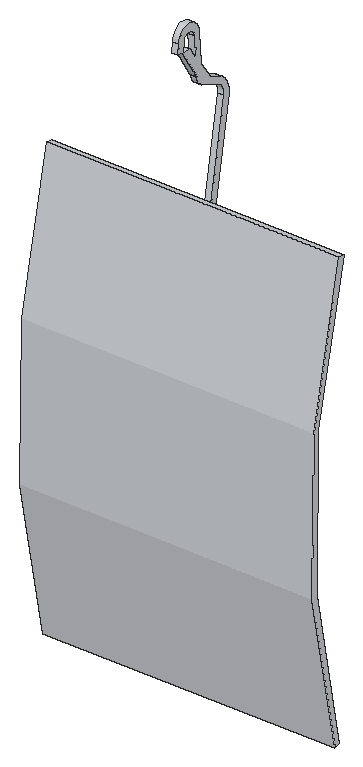
Revit family "6ft Forte Ceiling Panel Stored", category Furniture, Revit 2011
Parameters (values of type "Forte 6' Ceiling")
  URL = "http://www.wengercorp.com/Home/Contact.html"
  Toekick Material [instance] = none
  RH End Panel [instance] = no
  Model = "60"
  Manufacturer = "Wenger Corporation"
  LH End Panel [instance] = no
  End Panel Material [instance] = none
  Edge Banding Material [instance] = none
  Door Material [instance] = none
  Description = "Standard 16' Forte Tower"
  Assembly Code = ""
Reference planes (in)
  plane 1 "Top View 2D location": z = 270
  plane 2: x = 22.64221
  plane 3: x = 46.64221
  plane 4: x = 34.64221
  plane 5: y = 855.02239
  plane 6: z = 199.94228
Forms (in)
  Extrusion 1, solid
    sketch origin (58.64221, 545.30271, 811.37883) x (0, -0.278237, 0.960512) y (0, 0.960512, 0.278237)
      loop
        arc (-639.0958, 139.35867) -> (-671.73183, 123.63341) -> (-707.59692, 118.52559) r 118.25922
        line (-707.59692, 118.52559) -> (-707.5496, 117.52612)
        arc (-707.5496, 117.52612) -> (-671.49428, 122.65506) -> (-638.66818, 138.42652) r 119.25324
        line (-638.66818, 138.42652) -> (-639.0958, 139.35867)
    from 0 to 48
  Extrusion 2, solid
    sketch origin (47.39227, 555.91427, 822.59894) x (0, 0.246923, -0.969035) y (0, 0.969035, 0.246923)
      loop
        line (674.00797, 132.83014) -> (677.38539, 131.92516) -> (677.56163, 132.58292) -> (677.27009, 136.39071) -> (676.32685, 136.64345) -> (674.17486, 133.45299) -> (674.00797, 132.83014)
    from 0 to 0.25
  Extrusion 3, solid
    sketch origin (45.64221, 555.91427, 822.59894) x (0, 0.246923, -0.969035) y (0, 0.969035, 0.246923)
      loop
        line (674.00797, 132.83014) -> (677.38539, 131.92516) -> (677.56163, 132.58292) -> (677.27009, 136.39071) -> (676.32685, 136.64345) -> (674.17486, 133.45299) -> (674.00797, 132.83014)
    from 0 to 0.25
  Extrusion 4, solid
    sketch origin (23.39227, 555.91427, 822.59894) x (0, 0.246923, -0.969035) y (0, 0.969035, 0.246923)
      loop
        line (674.00797, 132.83014) -> (677.38539, 131.92516) -> (677.56163, 132.58292) -> (677.27009, 136.39071) -> (676.32685, 136.64345) -> (674.17486, 133.45299) -> (674.00797, 132.83014)
    from 0 to 0.25
  Extrusion 5, solid
    sketch origin (21.64221, 555.91427, 822.59894) x (0, 0.246923, -0.969035) y (0, 0.969035, 0.246923)
      loop
        line (674.00797, 132.83014) -> (677.38539, 131.92516) -> (677.56163, 132.58292) -> (677.27009, 136.39071) -> (676.32685, 136.64345) -> (674.17486, 133.45299) -> (674.00797, 132.83014)
    from 0 to 0.25
  Extrusion 6, solid
    sketch origin (47.64221, 177.94081, 64.71877) x (0, -1, 0) y (0, 0, 1)
      loop
        line (-676.08984, 136.22351) -> (-677.08984, 136.22351) -> (-677.08984, 135.22351) -> (-676.08984, 135.22351) -> (-676.08984, 136.22351)
    from -0.00006 to 26
  Extrusion 7, solid
    sketch origin (35.14221, 177.94081, 64.71877) x (0, -1, 0) y (0, 0, 1)
      loop
        line (-676.08984, 136.22351) -> (-676.08984, 142.15091) -> (-683.74531, 184.74649)
        arc (-683.74531, 184.74649) -> (-683.52247, 186.04739) -> (-682.53733, 186.92575) r 1.99868
        line (-682.53733, 186.92575) -> (-679.18968, 188.30833)
        arc (-679.18968, 188.30833) -> (-678.51213, 188.86132) -> (-678.25322, 189.69669) r 1.51471
        line (-678.25322, 189.69669) -> (-678.22809, 189.98616) -> (-678.11876, 189.92046) -> (-675.41481, 194.42059) -> (-675.61622, 194.54161) -> (-676.79761, 194.54161) -> (-678.02626, 192.52702) -> (-677.71045, 196.13677)
        arc (-677.71045, 196.13677) -> (-676.60544, 197.16721) -> (-675.46514, 196.17596) r 1.12901
        line (-675.46514, 196.17596) -> (-675.28077, 194.67438) -> (-674.29725, 194.79514) -> (-674.47868, 196.27279)
        arc (-674.47868, 196.27279) -> (-676.48611, 198.40857) -> (-678.68271, 196.46788) r 2.10527
        line (-678.68271, 196.46788) -> (-679.13378, 191.31212) -> (-681.0882, 188.62209) -> (-683.26307, 187.69892) -> (-683.58867, 187.4793) -> (-683.92627, 187.17532) -> (-684.22577, 186.8184) -> (-684.46298, 186.45311) -> (-684.66827, 185.88909) -> (-684.74174, 185.54344) -> (-684.77793, 185.12974) -> (-684.72834, 184.56291) -> (-677.11492, 142.20128) -> (-677.10486, 142.08627) -> (-677.08984, 141.91467) -> (-677.08984, 136.22351) -> (-676.08984, 136.22351)
    from 0 to 1
Dimensions and locks (in)
  equal spacing: plane 2, plane 4, plane 3, locked at 12 each
  Extrusion 1 sketch curve to Extrusion 1 sketch curve = 0' - 1.02556"
  locked: Extrusion 1 sketch curve to Extrusion 1 sketch curve at 1.00059
  Extrusion 1 to Extrusion 5 to Extrusion 4 to Extrusion 7 to Extrusion 7 to Extrusion 3 to Extrusion 2 to Extrusion 1 = 0' - 11 1/4", 0' - 1.75006" locked, 0' - 10.49994" locked, 0' - 1" locked, 0' - 10 1/2" locked, 0' - 1.75006" locked, 0' - 11.24994"
  locked: Extrusion 2 to Extrusion 2 at 0.25
  locked: Extrusion 3 to Extrusion 3 at 0.25
  Extrusion 7 to Extrusion 7 = 0' - 1"
  locked: Extrusion 4 to Extrusion 4 at 0.25
  locked: Extrusion 5 to Extrusion 5 at 0.25
  plane 5 to Extrusion 7 = 0' - 7.69636"
  Extrusion 2 to plane 6 = 0' - 1.01253"
  locked: Extrusion 7 to plane 5 at 0.99174
  locked: Extrusion 6 to plane 6 at 1
  Extrusion 7 to plane 6 = 5' - 3.18732"
  radius of Extrusion 1 sketch curve = 9' - 10.25922"
Automatic sketch dimensions
  Extrusion 6 sketch curve to plane 1 "Top View 2D location" = 5' - 10.05772"
  Extrusion 6 sketch curve to Extrusion 6 sketch curve = 0' - 1"  (x2)
  Extrusion 7 sketch curve to Extrusion 7 sketch curve = 0' - 0.10934"
  Extrusion 7 sketch curve to Extrusion 7 sketch curve = 0' - 0.13446"
  Extrusion 7 sketch curve to Extrusion 7 sketch curve = 0' - 0.97226"
  Extrusion 7 sketch curve to Extrusion 7 sketch curve = 0' - 0.90568"
  Extrusion 7 sketch curve to Extrusion 7 sketch curve = 0' - 0.93646"
  Extrusion 7 sketch curve to Extrusion 7 sketch curve = 0' - 0.5782"
  Extrusion 7 sketch curve to Extrusion 7 sketch curve = 0' - 1 41/128"
  Extrusion 7 sketch curve to Extrusion 7 sketch curve = 0' - 0.68619"
  Extrusion 7 sketch curve to Extrusion 7 sketch curve = 0' - 0.76295"
  Extrusion 7 sketch curve to Extrusion 7 sketch curve = 0' - 0.72574"
  Extrusion 7 sketch curve to Extrusion 7 sketch curve = 0' - 0.3256"
  Extrusion 7 sketch curve to Extrusion 7 sketch curve = 0' - 1.97093"
  Extrusion 7 sketch curve to Extrusion 7 sketch curve = 0' - 0.3376"
  Extrusion 7 sketch curve to Extrusion 7 sketch curve = 0' - 0.29949"
  Extrusion 7 sketch curve to Extrusion 7 sketch curve = 0' - 0.23722"
  Extrusion 7 sketch curve to Extrusion 7 sketch curve = 0' - 0.20529"
  Extrusion 7 sketch curve to Extrusion 7 sketch curve = 0' - 0.98303"
  Extrusion 7 sketch curve to Extrusion 7 sketch curve = 0' - 0.07347"
  Extrusion 7 sketch curve to Extrusion 7 sketch curve = 0' - 0.03619"
  Extrusion 7 sketch curve to Extrusion 7 sketch curve = 0' - 0.00203"
  Extrusion 7 sketch curve to Extrusion 7 sketch curve = 0' - 1.18139"
  Extrusion 7 sketch curve to Extrusion 7 sketch curve = 0' - 1.11856"
  Extrusion 7 sketch curve to Extrusion 7 sketch curve = 0' - 0.20141"
  Extrusion 7 sketch curve to Extrusion 7 sketch curve = 0' - 0.13404"
  Extrusion 7 sketch curve to Extrusion 7 sketch curve = 0' - 0.98645"
  Extrusion 7 sketch curve to Extrusion 7 sketch curve = 0' - 0.98352"
  Extrusion 7 sketch curve to plane 1 "Top View 2D location" = 5' - 9.05772"
  Extrusion 7 sketch curve to Extrusion 7 sketch curve = 0' - 5.69116"
  Extrusion 7 sketch curve to Extrusion 7 sketch curve = 0' - 0.1716"
  Extrusion 7 sketch curve to Extrusion 7 sketch curve = 0' - 0.06464"
  Extrusion 7 sketch curve to Extrusion 7 sketch curve = 0' - 0.11501"
  Extrusion 7 sketch curve to plane 1 "Top View 2D location" = 1' - 8.71832"
  Extrusion 7 sketch curve to Extrusion 7 sketch curve = 0' - 0 47/256"
  Extrusion 7 sketch curve to Extrusion 7 sketch curve = 0' - 0.33192"
  Extrusion 7 sketch curve to Extrusion 7 sketch curve = 0' - 0.56683"
  Extrusion 7 sketch curve to Extrusion 7 sketch curve = 0' - 0.4137"
  Extrusion 7 sketch curve to Extrusion 7 sketch curve = 0' - 0.34565"
  Extrusion 7 sketch curve to Extrusion 7 sketch curve = 0' - 0.56402"
  Extrusion 7 sketch curve to Extrusion 7 sketch curve = 0' - 0.36529"
  Extrusion 7 sketch curve to Extrusion 7 sketch curve = 0' - 0.35692"
  Extrusion 7 sketch curve to Extrusion 7 sketch curve = 0' - 0.30398"
  Extrusion 7 sketch curve to Extrusion 7 sketch curve = 0' - 0.21962"
  Extrusion 7 sketch curve to Extrusion 7 sketch curve = 0' - 1.38258"
  Extrusion 7 sketch curve to Extrusion 7 sketch curve = 0' - 0.31376"
  Extrusion 7 sketch curve to Extrusion 7 sketch curve = 0' - 1.38836"
  Extrusion 7 sketch curve to Extrusion 7 sketch curve = 0' - 0.22378"
  Extrusion 7 sketch curve to Extrusion 7 sketch curve = 0' - 0.0657"
  Extrusion 7 sketch curve to Extrusion 7 sketch curve = 0' - 1.32597"
  Extrusion 7 sketch curve to Extrusion 7 sketch curve = 0' - 1.2149"
  Extrusion 7 sketch curve to Extrusion 7 sketch curve = 0' - 0.25378"
  Extrusion 7 sketch curve to Extrusion 7 sketch curve = 0' - 0.12076"
  Extrusion 7 sketch curve to Extrusion 7 sketch curve = 0' - 0.13759"
  Extrusion 7 sketch curve to Extrusion 7 sketch curve = 0' - 0.26719"
  Extrusion 7 sketch curve to plane 1 "Top View 2D location" = 0' - 8.81335"
  Extrusion 7 sketch curve to Extrusion 7 sketch curve = 0' - 0.45107"
  Extrusion 7 sketch curve to Extrusion 7 sketch curve = 0' - 1.10752"
  Extrusion 7 sketch curve to Extrusion 7 sketch curve = 0' - 0.01006"
  Extrusion 7 sketch curve to Extrusion 7 sketch curve = 0' - 0.01501"
  Extrusion 7 sketch curve to Extrusion 7 sketch curve = 0' - 0.91284"
  Extrusion 7 sketch curve to Extrusion 7 sketch curve = 0' - 1"
  plane 5 to Extrusion 6 sketch curve = 0' - 0.00826"
  plane 5 to Extrusion 7 sketch curve = 0' - 7.69636"
  plane 5 to Extrusion 7 sketch curve = 0' - 0.03334"
  plane 5 to Extrusion 1 sketch curve = 0' - 1.00561"
  Extrusion 1 sketch curve to plane 6 = 2' - 11.24074"
  Extrusion 1 sketch curve to Extrusion 1 sketch curve = 0' - 0.04732"
  Extrusion 1 sketch curve to Extrusion 1 sketch curve = 0' - 1.45535"
  Extrusion 1 sketch curve to Extrusion 1 sketch curve = 0' - 0.02163"
  Extrusion 1 sketch curve to Extrusion 1 sketch curve = 5' - 8.50112"
  Extrusion 1 sketch curve to Extrusion 1 sketch curve = 0' - 0.42762"
  plane 6 to Extrusion 2 sketch curve = 0' - 2.31802"
  Extrusion 2 sketch curve to plane 5 = 0' - 3.96315"
  Extrusion 2 sketch curve to Extrusion 2 sketch curve = 0' - 0.16689"
  Extrusion 2 sketch curve to Extrusion 2 sketch curve = 0' - 2.15199"
  Extrusion 2 sketch curve to Extrusion 2 sketch curve = 0' - 0.94324"
  Extrusion 2 sketch curve to Extrusion 2 sketch curve = 0' - 3.37742"
  Extrusion 2 sketch curve to Extrusion 2 sketch curve = 0' - 0.17624"
  Extrusion 2 sketch curve to Extrusion 2 sketch curve = 0' - 0.24722"
  Extrusion 2 sketch curve to Extrusion 2 sketch curve = 0' - 3.80779"
  Extrusion 2 sketch curve to Extrusion 2 sketch curve = 0' - 0.25274"
  plane 6 to Extrusion 3 sketch curve = 0' - 2.31802"
  Extrusion 3 sketch curve to plane 5 = 0' - 3.96315"
  Extrusion 3 sketch curve to Extrusion 3 sketch curve = 0' - 0.16689"
  Extrusion 3 sketch curve to Extrusion 3 sketch curve = 0' - 2.15199"
  Extrusion 3 sketch curve to Extrusion 3 sketch curve = 0' - 0.94324"
  Extrusion 3 sketch curve to Extrusion 3 sketch curve = 0' - 3.37742"
  Extrusion 3 sketch curve to Extrusion 3 sketch curve = 0' - 0.17624"
  Extrusion 3 sketch curve to Extrusion 3 sketch curve = 0' - 0.24722"
  Extrusion 3 sketch curve to Extrusion 3 sketch curve = 0' - 3.80779"
  Extrusion 3 sketch curve to Extrusion 3 sketch curve = 0' - 0.25274"
  plane 6 to Extrusion 4 sketch curve = 0' - 2.31802"
  Extrusion 4 sketch curve to plane 5 = 0' - 3.96315"
  Extrusion 4 sketch curve to Extrusion 4 sketch curve = 0' - 0.16689"
  Extrusion 4 sketch curve to Extrusion 4 sketch curve = 0' - 2.15199"
  Extrusion 4 sketch curve to Extrusion 4 sketch curve = 0' - 0.94324"
  Extrusion 4 sketch curve to Extrusion 4 sketch curve = 0' - 3.37742"
  Extrusion 4 sketch curve to Extrusion 4 sketch curve = 0' - 0.17624"
  Extrusion 4 sketch curve to Extrusion 4 sketch curve = 0' - 0.24722"
  Extrusion 4 sketch curve to Extrusion 4 sketch curve = 0' - 3.80779"
  Extrusion 4 sketch curve to Extrusion 4 sketch curve = 0' - 0.25274"
  plane 6 to Extrusion 5 sketch curve = 0' - 2.31802"
  Extrusion 5 sketch curve to plane 5 = 0' - 3.96315"
  Extrusion 5 sketch curve to Extrusion 5 sketch curve = 0' - 0.16689"
  Extrusion 5 sketch curve to Extrusion 5 sketch curve = 0' - 2.15199"
  Extrusion 5 sketch curve to Extrusion 5 sketch curve = 0' - 0.94324"
  Extrusion 5 sketch curve to Extrusion 5 sketch curve = 0' - 3.37742"
  Extrusion 5 sketch curve to Extrusion 5 sketch curve = 0' - 0.17624"
  Extrusion 5 sketch curve to Extrusion 5 sketch curve = 0' - 0.24722"
  Extrusion 5 sketch curve to Extrusion 5 sketch curve = 0' - 3.80779"
  Extrusion 5 sketch curve to Extrusion 5 sketch curve = 0' - 0.25274"
Nested families (in)
  nested 1: "Labels" at (34.95498, 847.26784, 0), type "6'"
Definition of nested family "Labels"
  Parameters (values of type "Standard")
    Cabinet Label = "01"
  Types (4): name | Cabinet Label
    Standard | "01"
    Narrow | "01N"
    Narrow Acoustic | "01NA"
    Acoustic | "01A"
  Reference planes (in)
    plane 1: y = 0
    plane 2: x = 0
  Text (in)
    label "xxxx" at (-0.00018, 0.00754, 0), shows "Cabinet Label"
